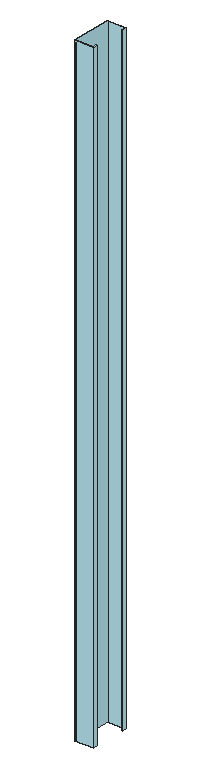
Revit family "hokyozai_65", category 機械設備, Revit 2022
Family settings
  丸型コネクタ寸法 = 直径を使用
  種別 = なし
  パーツ タイプ = 標準
  作業面ベース = いいえ
  常に垂直 = はい
  ロード時にボイドで切り取り = いいえ
  注釈の向きを維持 = いいえ
  共有 = いいえ
  部屋計算ポイント = いいえ
Parameters
  製造元 = "株式会社桐井製作所"
  既定の高さ = 0 mm
  URL = "https://www.kirii.co.jp/"
  K_長さ(mm) [instance] = 1000 mm
  K_材質 = "SGCC一般用・SGC340~570高強度一般用・SGH340~570高強度一般用"
  K_外形寸法(mm) = "65×30×7"
  K_品名 = "65補強材"
  K_名称 = "補強材"
  K_バージョン情報 = "20210524"
  K_めっき付着量 = "Z08"
  K_JIS規格 = "JIS G 3302"
Reference planes
  plane 1 "中心(正面/背面)": y = 0
  plane 2: z = 0
  plane 3 "中心(左/右)": x = 0
  plane 4: z = 1000
  plane 5: y = 65
Forms (mm)
  Extrusion 1, solid
    sketch origin (0, 0, 0) x (1, 0, 0) y (0, 1, 0)
      loop
        line (0, 0) -> (30, 0) -> (30, 7) -> (28.8, 7) -> (28.8, 1.2) -> (1.2, 1.2) -> (1.2, 63.8) -> (28.8, 63.8) -> (28.8, 58) -> (30, 58) -> (30, 65) -> (0, 65) -> (0, 0)
    from 0 to 1000
Dimensions and locks
  "K_長さ(mm)": plane 4 to plane 2
  aligned and locked: level to plane 2
  aligned and locked: plane 4 to Extrusion 1
Automatic sketch dimensions
  Extrusion 1 sketch curve to plane 3 "中心(左/右)" = 0 mm
  plane 1 "中心(正面/背面)" to Extrusion 1 sketch curve = 0 mm
  plane 3 "中心(左/右)" to Extrusion 1 sketch curve = 1.2 mm
  Extrusion 1 sketch curve to plane 1 "中心(正面/背面)" = 7 mm
  Extrusion 1 sketch curve to Extrusion 1 sketch curve = 27.6 mm  (x2)
  Extrusion 1 sketch curve to Extrusion 1 sketch curve = 1.2 mm  (x3)
  Extrusion 1 sketch curve to plane 1 "中心(正面/背面)" = 1.2 mm
  Extrusion 1 sketch curve to Extrusion 1 sketch curve = 51 mm
  Extrusion 1 sketch curve to Extrusion 1 sketch curve = 5.8 mm
